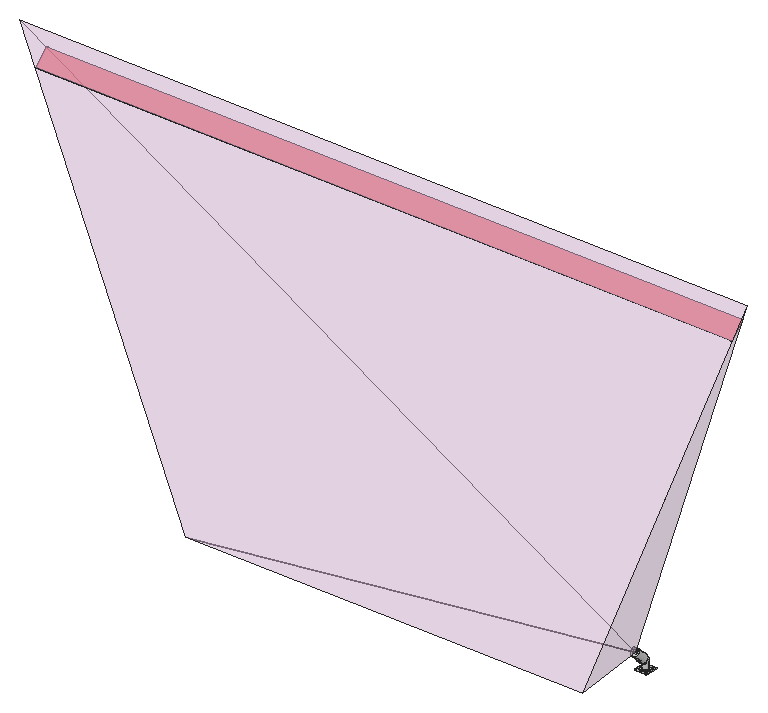
Revit family "Camera-Security-Panasonic-Super_Dynamic-Weatherproof-H265_Varifocal-Network-Fixed_Box-U1532LSeriesX", category Security Devices, host Face, Revit 2016
Family settings
  Host = Face
  Maintain Annotation Orientation = No
  Part Type = Normal
  Round Connector Dimension = Use Diameter
  OmniClass Number = 23.85.10.14.11
  OmniClass Title = Cameras
  Cut with Voids When Loaded = No
  Shared = No
  Room Calculation Point = No
Parameters (values of type "WV-U1532L")
  z Yaw Actual Safe [instance] = z Yaw Actual  # 0.00°
  z Yaw Actual [instance] = if(Yaw Actual < 0.00°, 360.00° - (abs(Yaw Actual) - rounddown(abs(Yaw Actual) / 360.00°) * 360.00°), Yaw Actual - rounddown(Yaw Actual / 360.00°) * 360.00°)  # 0.00°
  z VV Viewpoint Depth Min = 159.80000 mm  # constant formula
  z VV Viewpoint Depth Max = 159.80000 mm  # constant formula
  z VV Viewpoint Depth [instance] = (z VV Viewpoint Depth Max - z VV Viewpoint Depth Min) * z HFOV Ratio + z VV Viewpoint Depth Min  # 159.80000 mm
  z VV Origin Height [instance] = 73.00000 mm  # constant formula
  z Tilt Actual Safe [instance] = if(Tilt Actual = -90.00°, -89.00°, Tilt Actual)  # 45.00°
  z Tilt Actual [instance] = if(Tilt Actual < 0.00°, 360.00° - (abs(Tilt Actual) - rounddown(abs(Tilt Actual) / 360.00°) * 360.00°), Tilt Actual - rounddown(Tilt Actual / 360.00°) * 360.00°)  # 45.00°
  z Pan Actual Safe [instance] = if(Pan Actual = -180.00°, 180.00°, Pan Actual)  # 0.00°
  z Pan Actual [instance] = if(Pan Actual < 0.00°, 360.00° - (abs(Pan Actual) - rounddown(abs(Pan Actual) / 360.00°) * 360.00°), Pan Actual - rounddown(Pan Actual / 360.00°) * 360.00°)  # 0.00°
  z Hinge Height [instance] = 89.50000 mm  # constant formula
  z HFOV Ratio [instance] = (Horizontal FOV Actual - Horizontal FOV Min) / (Horizontal FOV Max - Horizontal FOV Min)  # 0.27586
  z Distance to Floor [instance] = if(and(On Ceiling, Use Adaptor Box), Distance to Floor - 40.00000 mm, Distance to Floor)  # 3000.00000 mm
  z Distance to Ceiling [instance] = if(and(On Ceiling, Use Adaptor Box), Distance to Ceiling + 40.00000 mm, Distance to Ceiling)  # 0.00000 mm
  z Const Yaw Handle Length = 235.00000 mm  # constant formula
  z Const Yaw Base2 Length = 440.00000 mm  # constant formula
  z Const Yaw Base Length = 260.00000 mm  # constant formula
  z Const Yaw Axis Length = 200.00000 mm  # constant formula
  z Const Tilt Handle Length = 360.00000 mm  # constant formula
  z Const Tilt Base2 Length = 500.00000 mm  # constant formula
  z Const Tilt Base Length = 250.00000 mm  # constant formula
  z Const Pan Handle Length = 700.00000 mm  # constant formula
  z Const CameraYawAxis = 400.00000 mm  # constant formula
  z Column Height [instance] = 73.00000 mm  # constant formula
  z Base Square = yes
  z Camera Center Offset From Base [instance] = 30.00000 mm  # constant formula
  z Camera Center Offset Base = 30.00000 mm  # constant formula
  z Camera Center Offset = 7.30000 mm  # constant formula
  z Camera Bottom Height [instance] = 0.00000 mm  # constant formula
  z Base Offset [instance] = if(Use Adaptor Box, 40.00000 mm, 0.00000 mm)  # 0.00000 mm
  z Adaptor Box Offset = 0.50000 mm  # constant formula
  Yawing Range [instance] = "-190 to +100"  # constant formula
  Yaw Min = -190.00°  # constant formula
  Yaw Max = 100.00°  # constant formula
  Yaw Desired [instance] = 0.00°
  Yaw Actual [instance] = if(Yaw Desired > Yaw Max, Yaw Max, if(Yaw Desired < Yaw Min, Yaw Min, Yaw Desired))  # 0.00°
  Width = 114.00000 mm  # constant formula
  Water and Dust Resistance = "IP66 (IEC 60529), Type 4X (UL50E), NEMA 4X compliant"  # constant formula
  Voltage DC = 48 V
  Vertical FOV Min [instance] = if(and(Aspect Ratio 4_3, not(Aspect Ratio 16_9)), VFOV Min 43, VFOV Min 169)  # 24.00°
  Vertical FOV Max [instance] = if(and(Aspect Ratio 4_3, not(Aspect Ratio 16_9)), VFOV Max 43, VFOV Max 169)  # 56.00°
  Vertical FOV Actual [instance] = z HFOV Ratio * (Vertical FOV Max - Vertical FOV Min) + Vertical FOV Min  # 32.8276°
  VFOV Min 43 = 27.00°
  VFOV Min 169 = 24.00°
  VFOV Max 43 = 63.00°
  VFOV Max 169 = 56.00°
  Tilt Min [instance] = if(On Ceiling, 0.00°, -100.00°)  # -100.00°
  Tilt Max [instance] = 100.00°  # constant formula
  Tilt Desired [instance] = 45.00°
  Tilt Actual [instance] = if(Tilt Desired > Tilt Max, Tilt Max, if(Tilt Desired < Tilt Min, Tilt Min, Tilt Desired))  # 45.00°
  Weight [instance] = 1.77 lbf
  Vandal Resistant = yes
  Use Adaptor Box [instance] = no
  URL = "http://security.panasonic.com/pss/security/"
  Tilting Range [instance] = if(On Ceiling, "0 to +100", "-100 to +100")  # "-100 to +100"
  Super Dynamic Range = yes
  Storage Temperature = Operational Temperature  # "-30 °C to +50 °C (-22 °F to +122 °F)"
  Show View Volume [instance] = yes
  Shock Resistance = "IK10 (IEC 62262)"  # constant formula
  Resolution_HD [instance] = and(Camera Type = 1, not(Resolution_FullHD))  # no
  Resolution_FullHD [instance] = yes
  Resolution_WQHD [instance] = and(Camera Type = 2, not(Resolution_FullHD))  # no
  Regulatory Compliance = "UL (UL60950-1), c-UL (CSA C22.2 No.60950-1), CE, IEC60950-1, FCC (Part15 ClassA), ICES003 ClassA, EN55032 ClassB, EN55024"  # constant formula
  Provide Feedback = "https://www.surveymonkey.com/s/95FL6QY"
  Product Page URL = "https://security.panasonic.com/products_technology/products/wv-u1532l/"
  Product Material = Paint - Panasonic - i-PRO White
  Product Documentation Link = "https://bizpartner.panasonic.net/public/ppr/product/11049?accordion_tab=96"
  Power Active = 6.7 W
  Part Number = Model  # "WV-U1532L"
  Part Description = Description  # "Security Camera, Super Dynamic, FullHD, VariFocal, Weatherproof, Network, WV-U1532L"
  Panning Range [instance] = if(On Ceiling, "-180 to +180", "-100 to +100")  # "-100 to +100"
  Pan Min [instance] = if(On Ceiling, -180.00°, -100.00°)  # -100.00°
  Pan Max [instance] = if(On Ceiling, 180.00°, 100.00°)  # 100.00°
  Pan Desired [instance] = 0.00°
  Pan Actual [instance] = if(Pan Desired > Pan Max, Pan Max, if(Pan Desired < Pan Min, Pan Min, Pan Desired))  # 0.00°
  PPM Desired [instance] = 300
  PPM Actual [instance] = if(PPM Desired > 1, PPM Desired, 1)  # 300
  Original Creation Date = "2020/01/07"  # constant formula
  Operational Temperature = "-30 °C to +50 °C (-22 °F to +122 °F)"  # constant formula
  Operational Humidity = "10 to 100 % (no condensation)"  # constant formula
  On Wall [instance] = not(On Ceiling)  # yes
  On Ceiling [instance] = no
  No Accessories = yes
  Mounting Positions = "Mount Dependent or Surface Mount"  # constant formula
  Model Disclaimer = "Contact Panasonic for more information"  # constant formula
  Model = "WV-U1532L"
  Minimum Illumination = 0.100 lx
  Manufacturer = "Panasonic"  # constant formula
  Indoor Or Outdoor = "Outdoor"  # constant formula
  IP Or Analog = "IP"  # constant formula
  Horizontal Resolution Actual [instance] = if(and(Aspect Ratio 4_3, not(Aspect Ratio 16_9)), Horizontal Resolution 43, Horizontal Resolution 169)  # 1920
  Horizontal Resolution 43 [instance] = if(Resolution_WQHD, 2560, if(Resolution_FullHD, 1600, if(Resolution_HD, 1280, 1600)))  # 1600
  Horizontal Resolution 169 [instance] = if(Resolution_WQHD, 2560, if(Resolution_FullHD, 1920, if(Resolution_HD, 1280, 1920)))  # 1920
  Horizontal FOV Min [instance] = if(and(Aspect Ratio 4_3, not(Aspect Ratio 16_9)), HFOV Min 43, HFOV Min 169)  # 44.00°
  Horizontal FOV Max [instance] = if(and(Aspect Ratio 4_3, not(Aspect Ratio 16_9)), HFOV Max 43, HFOV Max 169)  # 102.00°
  Horizontal FOV Desired [instance] = 60.00°
  Horizontal FOV Actual [instance] = if(Horizontal FOV Desired > Horizontal FOV Max, Horizontal FOV Max, if(Horizontal FOV Desired < Horizontal FOV Min, Horizontal FOV Min, Horizontal FOV Desired))  # 60.00°
  Height [instance] = 114.00000 mm  # constant formula
  Has POE = yes
  HFOV Min 43 = 36.00°
  HFOV Min 169 = 44.00°
  HFOV Max 43 = 84.00°
  HFOV Max 169 = 102.00°
  Family Version = "1.0.0"  # constant formula
  Equipment Number [instance] = ""
  Equipment Abbreviation = "SC"
  Distance to Screen [instance] = 10000.00000 mm
  Distance to PPM Target [instance] = if(PPM Actual = 0, 0.00000 mm, 1000.00000 mm * Horizontal Resolution Actual / (PPM Actual * 2 * tan(Horizontal FOV Actual / 2)))  # 5542.56258 mm
  Distance to Floor [instance] = 3000.00000 mm
  Distance to Ceiling [instance] = 0.00000 mm
  Description = "Security Camera, Super Dynamic, FullHD, VariFocal, Weatherproof, Network, WV-U1532L"
  Depth [instance] = 261.60000 mm  # constant formula
  Default Elevation = 0.00000 mm
  Day Or Night = "Yes"  # constant formula
  Date Last Modified = "2020/01/07"  # constant formula
  Copyright = "Copyright © Panasonic"  # constant formula
  Communication Ports = "10Base-T / 100Base-TX, RJ45 connector"  # constant formula
  Camera Type = 1
  Audio Out = "No"  # constant formula
  Audio In = "No"  # constant formula
  Aspect Ratio 4_3 [instance] = and(not(Camera Type = 2), not(Aspect Ratio 16_9))  # no
  Aspect Ratio 16_9 [instance] = yes
  Angle Of View = "102"
  Alarm Input Or Output Specification = "N/A"  # constant formula
  Accessory Part [instance] = if(Use Adaptor Box, "WV-Q120X", "No Accessory")  # "No Accessory"
Types (2, lengths in mm): name | z HFOV Ratio | Vertical FOV Min | Vertical FOV Max | Vertical FOV Actual | VFOV Min 43 | VFOV Min 169 | VFOV Max 43 | VFOV Max 169 | Resolution_FullHD | Resolution_WQHD | Product Page URL | Product Documentation Link | Power Active | Part Number | Part Description | Model | Minimum Illumination | Horizontal Resolution Actual | Horizontal Resolution 43 | Horizontal Resolution 169 | Horizontal FOV Max | HFOV Min 43 | HFOV Max 43 | HFOV Max 169 | Distance to PPM Target | Description | Camera Type | Angle Of View
  WV-U1532L | 0.27586 | 24.00° | 56.00° | 32.8276° | 27.00° | 24.00° | 63.00° | 56.00° | yes | no | "https://security.panasonic.com/products_technology/products/wv-u1532l/" | "https://bizpartner.panasonic.net/public/ppr/product/11049?accordion_tab=96" | 6.7 W | "WV-U1532L" | "Security Camera, Super Dynamic, FullHD, VariFocal, Weatherproof, Network, WV-U1532L" | "WV-U1532L" | 0.100 lx | 1920 | 1600 | 1920 | 102.00° | 36.00° | 84.00° | 102.00° | 5542.56258 | "Security Camera, Super Dynamic, FullHD, VariFocal, Weatherproof, Network, WV-U1532L" | 1 | "102"
  WV-U1542L | 0.27119 | 25.00° | 57.00° | 33.678° | 25.00° | 25.00° | 57.00° | 57.00° | no | yes | "https://security.panasonic.com/products_technology/products/wv-u1542l/" | "https://bizpartner.panasonic.net/public/ppr/product/11050?accordion_tab=96" | 7.2 W | "WV-U1542L" | "Security Camera, Super Dynamic, 4Mega Pixel, VariFocal, Weatherproof, Network, WV-U1542L" | "WV-U1542L" | 0.300 lx | 2560 | 2560 | 2560 | 103.00° | 44.00° | 103.00° | 103.00° | 7390.08345 | "Security Camera, Super Dynamic, 4Mega Pixel, VariFocal, Weatherproof, Network, WV-U1542L" | 2 | "103"
Reference planes
  plane 1 "Center (Front/Back)": y = 0
  plane 2: z = 0
  plane 3 "Center (Left/Right)": x = 0
  plane 4: z = 0
  plane 5 "Move Up/Down": z = 89.5
  plane 6: z = 0
  plane 7: x = -45
  plane 8: x = 45
  plane 9: x = -24.5
  plane 10: x = 24.5
  plane 11: x = -57
  plane 12: x = 57
  plane 13 "Square Base Top": z = 15
  plane 14 "Column Top": z = 73
  plane 15 "Move Left/Right": x = 0
  plane 16 "Round Base Top": z = 11.5
  plane 17: y = -45
  plane 18: y = 45
  plane 19: z = 10
  plane 20 "BP": z = 73
  plane 21: y = 57
  plane 22: y = -57
  plane 23: x = 133
  plane 24: z = 22.5
  plane 25: y = 57.5
  plane 26: y = -57.5
  plane 27: x = -57.5
  plane 28: x = 57.5
Forms (mm)
  Revolve 1, solid, material "Paint - Panasonic - i-PRO White" <- "Product Material"
    sketch origin (0, 0, 0) x (1, 0, 0) y (0, 0, 1)
      loop
        line (45, 11.5) -> (0, 11.5) -> (0, 0) -> (45, 0) -> (45, 11.5)
      axis (0, 11.5) -> (0, 0)
    angle from 0 to 360
  Revolve 2, solid, material "Paint - Panasonic - i-PRO White" <- "Product Material"
    sketch origin (0, 0, 73) x (1, 0, 0) y (0, 0, 1)
      loop
        line (0, -73) -> (24.5, -73) -> (24.5, 16.5) -> (0, 16.5) -> (0, -73)
      axis (0, 16.5) -> (0, -73)
    angle from 0 to 360
  Extrusion 3, solid, material "Paint - Panasonic - i-PRO White" <- "Product Material", visible <- "z Base Square"
    sketch origin (0, 0, 0) x (1, 0, 0) y (0, 0, 1)
      loop
        line (-57, 0) -> (57, 0) -> (57, 15) -> (-57, 15) -> (-57, 0)
    from -57 to 57
  Sweep 4, void
    path in 3D
      loop
        line (-57, -57, 15) -> (-57, 57, 15) -> (57, 57, 15) -> (57, -57, 15) -> (-57, -57, 15)
    profile origin (0, -57, 15) x (0, -1, 0) y (0, 0, 1)
      loop
        line (-31.963, 0) -> (-5.3, -3.768)
        arc (-5.3, -3.768) -> (-1.633, -5.994) -> (0, -9.96) r 6.876
        line (0, -9.96) -> (8.037, -9.96) -> (8.037, 0) -> (-31.963, 0)
  Sweep 5, void
    path in 3D
      loop
        arc (-24.5, 0, 89.5) -> (0, 24.5, 89.5) -> (24.5, 0, 89.5) r 24.5
        arc (24.5, 0, 89.5) -> (0, -24.5, 89.5) -> (-24.5, 0, 89.5) r 24.5
    profile origin (0, -24.5, 89.5) x (0, -1, 0) y (0, 0, 1)
      loop
        line (0, -5) -> (5, -5) -> (5, 5) -> (-5, 5) -> (-5, 0) -> (0, -5)
  Extrusion 6, void
    sketch origin (0, -5, 73) x (0, 0, -1) y (0, 1, 0)
      loop
        line (22.201, -33.558) -> (22.201, -17.622)
        arc (22.201, -17.622) -> (19.858, -11.965) -> (14.201, -9.622) r 8
        line (14.201, -9.622) -> (-30.447, -9.622) -> (-30.447, -33.558) -> (22.201, -33.558)
    from -30 to 30
  Blend 7, solid, material "Paint - Panasonic - i-PRO White" <- "Product Material", visible <- "Use Adaptor Box"
    base sketch origin (0, 0, 0) x (1, 0, 0) y (0, 1, 0)
      loop
        line (-57.5, 57.5) -> (-57.5, -57.5) -> (57.5, -57.5) -> (57.5, 57.5) -> (-57.5, 57.5)
    top sketch origin (0, 0, 0) x (1, 0, 0) y (0, 1, 0)
      loop
        line (-57, 57) -> (-57, -57) -> (57, -57) -> (57, 57) -> (-57, 57)
    from 0 to 40
Cuts and joins
  Sweep 4 cuts Extrusion 3
  Sweep 5, Extrusion 6 cuts Revolve 2
Lines and regions (mm)
  symbolic lines, not visible
    curve 1: line (-29.21, -68.262, 0) -> (29.21, -68.262, 0)
  reference lines
    curve 2: line (0, 0, 73) -> (700, 0, 73)
    curve 3: line (0, 0, 73) -> (0, 0, -627)
    curve 4: line (0, 0, 73) -> (0, -250, 73)
    curve 5: line (0, 0, 73) -> (0, 0, 573)
    curve 6: line (0, 0, 73) -> (0, 0, -427)
    curve 7: line (0, 0, 73) -> (0, -254.558, 327.558)
    curve 8: line (0, 0, 73) -> (0, 183.848, 256.848)
    curve 9: line (0, 0, 73) -> (-440, 0, 73)
    curve 10: line (0, 0, 73) -> (-235, 0, 73)
    curve 11: line (0, 0, 73) -> (0, -141.421, 214.421)
  sketch lines
    curve 12: line (57, -57, 15) -> (-57, -57, 15)
    curve 13: line (57, -57, 15) -> (57, 57, 15)
    curve 14: line (-57, 57, 15) -> (57, 57, 15)
    curve 15: line (-57, -57, 15) -> (-57, 57, 15)
    curve 16: arc (24.5, 0, 89.5) -> (0, -24.5, 89.5) -> (-24.5, 0, 89.5) r 24.5
    curve 17: arc (-24.5, 0, 89.5) -> (0, 24.5, 89.5) -> (24.5, 0, 89.5) r 24.5
Dimensions and locks
  "z Camera Bottom Height": plane 4 to plane 2
  "z Base Offset": plane 6 to plane 4
  equal spacing: plane 7, plane 3 "Center (Left/Right)", plane 8, locked at 45 each
  "z Hinge Height": plane 5 "Move Up/Down" to plane 6
  equal spacing: plane 9, plane 3 "Center (Left/Right)", plane 10, locked at 24.5 each
  locked: plane 13 "Square Base Top" to plane 6 at 15
  "z Column Height": plane 14 "Column Top" to plane 6
  locked: plane 16 "Round Base Top" to level at 11.5
  plane 17 to plane 1 "Center (Front/Back)" to plane 18 = 45.00000 mm locked, 45.00000 mm locked
  locked: plane 13 "Square Base Top" to plane 19 at 5
  "z VV Origin Height": plane 20 "BP" to plane 6
  "z Const Pan Handle Length": curve 2 to curve 2
  "z Const Pan Handle Length": curve 3 to curve 3
  "z Const Tilt Base Length": curve 4 to curve 2
  "z Const Tilt Base2 Length": curve 5 to curve 2
  "z Const Tilt Handle Length": curve 7 to curve 7
  "z Const Yaw Base Length": curve 8 to curve 8
  "z Const Yaw Base2 Length": curve 9 to curve 9
  "z Const Yaw Handle Length": curve 10 to curve 10
  "z Const Yaw Axis Length": curve 11 to curve 11
  plane 24 to plane 13 "Square Base Top" = 7.50000 mm
  equal spacing: plane 11, plane 15 "Move Left/Right", plane 12
  locked: plane 11 to plane 12 at 114
  equal spacing: plane 21, plane 1 "Center (Front/Back)", plane 22, locked at 57 each
  locked: plane 21 to plane 22 at 114
  "z Adaptor Box Offset": plane 27 to plane 11
  "z Adaptor Box Offset": plane 12 to plane 28
  "z Adaptor Box Offset": plane 25 to plane 21
  "z Adaptor Box Offset": plane 22 to plane 26
  locked: curve 3 to curve 2 (angle 90.00°)
  "z Pan Actual Safe": angle plane 1 "Center (Front/Back)" to curve 2
  locked: curve 4 to curve 6 (angle 90.00°)
  locked: curve 5 to curve 4 (angle 90.00°)
  "z Tilt Actual Safe": angle curve 5 to curve 7
  locked: curve 8 to curve 9 (angle 90.00°)
  "z Yaw Actual Safe": angle curve 9 to curve 10
  locked: curve 11 to curve 7 (angle 0.00°)
  aligned and locked: plane 2 to host face
  aligned and locked: level to host face
  aligned and locked: Revolve 1 sketch curve to plane 3 "Center (Left/Right)"
  aligned and locked: plane 6 to Revolve 1 sketch curve
  aligned and locked: plane 16 "Round Base Top" to Revolve 1 sketch curve
  aligned and locked: level to Revolve 2
  aligned and locked: plane 3 "Center (Left/Right)" to curve 2
  aligned and locked: plane 1 "Center (Front/Back)" to curve 2
  aligned and locked: plane 20 "BP" to curve 3
  aligned and locked: plane 20 "BP" to curve 2
  aligned and locked: plane 20 "BP" to curve 7
  aligned and locked: nested 2 to plane 3 "Center (Left/Right)"
  aligned and locked: nested 2 to plane 1 "Center (Front/Back)"
  aligned and locked: Extrusion 3 to plane 22
  aligned and locked: plane 21 to Extrusion 3
  aligned and locked: Blend 7 sketch curve to plane 25
  aligned and locked: plane 27 to Blend 7 sketch curve
  aligned and locked: plane 26 to Blend 7 sketch curve
  aligned and locked: Blend 7 sketch curve to plane 28
  aligned and locked: plane 11 to Blend 7 sketch curve
  aligned and locked: plane 12 to Blend 7 sketch curve
  aligned and locked: Blend 7 sketch curve to plane 21
  aligned and locked: plane 22 to Blend 7 sketch curve
Automatic sketch dimensions
  host sketch curve to host sketch curve = 2438.40000 mm  (x2)
  curve 1 to plane 3 "Center (Left/Right)" = 29.21000 mm
  plane 3 "Center (Left/Right)" to curve 1 = 29.21000 mm
  plane 1 "Center (Front/Back)" to curve 1 = 68.26250 mm
  Revolve 1 sketch curve to plane 3 "Center (Left/Right)" = 0.00000 mm
  Revolve 1 sketch curve to plane 8 = 0.00000 mm
  Revolve 1 sketch curve to Revolve 1 sketch curve = 609.60000 mm
  plane 14 "Column Top" to Revolve 1 sketch curve = 2488.35810 mm
  Extrusion 3 sketch curve to plane 11 = 0.00000 mm
  plane 12 to Extrusion 3 sketch curve = 0.00000 mm
  Extrusion 3 sketch curve to plane 6 = 0.00000 mm
  Extrusion 3 sketch curve to plane 13 "Square Base Top" = 0.00000 mm
  Sweep 4 sketch curve to profile plane = 0.00000 mm  (x2)
  Sweep 4 sketch curve to profile plane = 3.76752 mm
  profile plane to Sweep 4 sketch curve = 5.29967 mm
  profile plane to Sweep 4 sketch curve = 6.85710 mm
  Sweep 4 sketch curve to Sweep 4 sketch curve = 26.66325 mm
  Sweep 4 sketch curve to profile plane = 8.03708 mm
  Sweep 4 sketch curve to Sweep 4 sketch curve = 6.19203 mm
  Sweep 5 sketch curve to profile plane = 0.00000 mm
  profile plane to Sweep 5 sketch curve = 5.00000 mm  (x2)
  profile plane to Sweep 5 sketch curve = 0.00000 mm
  Sweep 5 sketch curve to profile plane = 5.00000 mm  (x2)
  curve 2 to Revolve 2 sketch curve = 0.00000 mm
  Revolve 2 sketch curve to curve 2 = 682.60000 mm
  Revolve 2 sketch curve to curve 2 = 73.00000 mm
  curve 2 to Revolve 2 sketch curve = 16.50000 mm
  curve 2 to Revolve 2 sketch curve = 2481.15810 mm
  curve 2 to Revolve 2 sketch curve = 24.50000 mm
  Revolve 2 sketch curve to curve 2 = 0.00000 mm
  Extrusion 6 sketch curve to plane 5 "Move Up/Down" = 13.94683 mm
  Extrusion 6 sketch curve to plane 14 "Column Top" = 14.20146 mm
  Extrusion 6 sketch curve to Extrusion 6 sketch curve = 8.00000 mm
  Extrusion 6 sketch curve to Extrusion 6 sketch curve = 15.93624 mm
  curve 2 to curve 3 = 0.00000 mm
  curve 8 to curve 7 = 0.00000 mm  (x2)
  curve 9 to curve 8 = 0.00000 mm
  curve 10 to curve 8 = 0.00000 mm
  curve 11 to curve 10 = 0.00000 mm  (x2)
Nested families
  nested 1: "U1532LSeries_Head" at (0, 0, 73) x (0, 0.7071, 0.7071) z (1, 0, 0), Product Material <- "Product Material", type "U1532LSeries_Head"
    with Product Material Paint - Panasonic - i-PRO White
  nested 2: "Camera-Security-Panasonic-ViewVolumePTYZ" at (0, 0, 73), Viewpoint Depth <- "z VV Viewpoint Depth", Base Height Offset <- "z VV Origin Height", Pan <- "z Pan Actual Safe", Tilt <- "z Tilt Actual", Yaw <- "z Yaw Actual", HFOV <- "Horizontal FOV Actual", VFOV <- "Vertical FOV Actual", On Wall <- "On Wall", On Ceiling <- "On Ceiling", Floor Distance <- "z Distance to Floor", Ceiling Distance <- "z Distance to Ceiling", Target Depth <- "Distance to PPM Target", Screen Depth <- "Distance to Screen", visible <- "Show View Volume", type "Camera-Security-Panasonic-ViewVolumePTYZ"
    with z Yaw Actual 0.00°, z Void Width 32012.60538 mm, z Void Thickness 10232.80000 mm, z Void Height Start -16006.30269 mm, z Void Height End 16006.30269 mm, z Void Direction 1, z Void Angle 90.00°, z Viewpoint Depth 159.80000 mm, z Tilt Actual 45.00°, z Target Width 6400.00000 mm, z Target Visible yes, z Target Height 3265.42970 mm, z Target Depth 5702.36258 mm, z Screen Width 11547.00538 mm, z Screen Height 5891.55224 mm, z Screen Depth 10159.80000 mm, z Pan Actual 0.00°, z Floor Distance 3000.00000 mm, z Ceiling Distance 0.00000 mm, Yaw 0.00°, Viewpoint Origin Horizontal Offset 0.00000 mm, Viewpoint Depth 159.80000 mm, VFOV 32.8276°, Tilt 45.00°, Target Depth 5542.56258 mm, Screen Depth 10000.00000 mm, Pan 0.00°, On Wall yes, On Floor no, On Default Mount Type 0, On Ceiling no, HFOV 60.00°, Floor Distance 3000.00000 mm, Ceiling Distance 0.00000 mm, Base Height Offset 73.00000 mm, Base Angle Offset 0.00°
  nested 3: "Resolution" at (0, -16.3, 0), type "5M"
Connectors
  electrical at (0, 0.302, 0)
    settings: on plane 6, index 2, voltage 0 V, apparent load 0.0 W, apparent load phase1 0.0 W, apparent load phase2 0.0 W, apparent load phase3 0.0 W, power factor 1, load classification "Other", number of poles 1, system type 5, power factor state 1, is connector primary yes, connector utility no, sub classification motor no, connector description "Data Connection"
  electrical at (9.5, 0, 0), driven by "Voltage DC", driven by "Power Active"
    settings: on Extrusion 3, index 3, voltage 48 V, apparent load 6.7 W, apparent load phase1 0.0 W, apparent load phase2 0.0 W, apparent load phase3 0.0 W, power factor 1, load classification "Other", number of poles 1, system type 30, power factor state 1, is connector primary no, connector utility no, sub classification motor no, connector description "Electrical Connection"
Definition of nested family "U1532LSeries_Head"
  Parameters (values of type "U1532LSeries_Head")
    Product Material [instance] = none
    Default Elevation = 1219.20000 mm
  Reference planes
    plane 1 "Center (Front/Back)": y = 0
    plane 2: z = 0
    plane 3 "Center (Left/Right)": x = 0
    plane 4 "Move Left/Right": x = 0
    plane 5: y = 188.6
    plane 6: y = 47.3
    plane 7: x = 37
    plane 8: z = 47.5
    plane 9: z = -47.5
    plane 10: z = 20
    plane 11: z = -20
    plane 12: z = 39.833
    plane 13: z = -37.5
    plane 14: x = -32
    plane 15: x = 32
  Forms (mm)
    Revolve 1, solid, material <- "Product Material"
      sketch origin (0, 136.477, -0.023) x (1, 0, 0) y (0, 1, 0)
        loop
          line (-19.243, -119) -> (-15.446, -119) -> (-15.446, -148.782) -> (0, -148.782) -> (0, -89.177) -> (-31.458, -89.177) -> (-19.243, -119)
        axis (0, -148.782) -> (0, -89.177)
      angle from 0 to 360
    Revolve 2, solid, material <- "Product Material"
      sketch origin (0, 136.477, -0.023) x (1, 0, 0) y (0, 1, 0)
        loop
          line (37, -89.177) -> (37, 52.123) -> (0, 52.123) -> (0, -89.177) -> (37, -89.177)
        axis (0, -89.177) -> (0, 52.123)
      angle from 0 to 360
    Extrusion 3, void
      sketch origin (0, -4572, 190.211) x (0, 0, -1) y (0, -1, 0)
        loop
          line (185.211, -4572) -> (195.211, -4572) -> (195.211, -4592) -> (222.511, -4592) -> (222.511, -4547) -> (157.511, -4547) -> (157.511, -4592) -> (185.211, -4592) -> (185.211, -4572)
      from -25 to 25
    Extrusion 4, void
      sketch origin (0, 0, 0) x (1, 0, 0) y (0, 1, 0)
        loop
          line (-32, 84.833) -> (-32, 166.046) -> (0, 166.046) -> (19.343, 169.109) -> (32, 188.6) -> (32, 84.833) -> (37, 76.173) -> (37, 231.173) -> (-37, 231.173) -> (-37, 76.173) -> (-32, 84.833)
      from -100 to 100
    Extrusion 5, solid
      sketch origin (0, 166.046, 0) x (-1, 0, 0) y (0, 0, 1)
        loop
          arc (-7.363, 20) -> (-10.898, 18.536) -> (-12.363, 15) r 5
          line (-12.363, 15) -> (-12.363, -15)
          arc (-12.363, -15) -> (-10.898, -18.536) -> (-7.363, -20) r 5
          line (-7.363, -20) -> (7.637, -20)
          arc (7.637, -20) -> (11.173, -18.536) -> (12.637, -15) r 5
          line (12.637, -15) -> (12.637, 15)
          arc (12.637, 15) -> (11.173, 18.536) -> (7.637, 20) r 5
          line (7.637, 20) -> (-7.363, 20)
      from 3 to 0
  Cuts and joins
    Extrusion 3 cuts Revolve 1
    Extrusion 4 cuts Revolve 2
  Dimensions and locks
    plane 1 "Center (Front/Back)" to plane 5 = 188.60000 mm
    equal spacing: plane 8, level, plane 9
    locked: plane 8 to plane 9 at 95
    plane 5 to plane 6 = 141.30000 mm
    equal spacing: plane 10, level, plane 11
    locked: plane 10 to plane 11 at 40
    plane 8 to plane 12 = 7.66714 mm
    plane 13 to plane 9 = 10.00000 mm
    equal spacing: Extrusion 3 sketch curve, level, Extrusion 3 sketch curve
    Extrusion 3 sketch curve to Extrusion 3 sketch curve = 10.00000 mm
    plane 1 "Center (Front/Back)" to Extrusion 3 sketch curve = 20.00000 mm
    plane 1 "Center (Front/Back)" to plane 6 = 47.30000 mm
    locked: plane 3 "Center (Left/Right)" to plane 7 at 37
    equal spacing: plane 14, plane 3 "Center (Left/Right)", plane 15
    aligned and locked: plane 2 to level
    aligned and locked: plane 6 to Revolve 2
    aligned and locked: Extrusion 3 sketch curve to Extrusion 3 sketch curve
    aligned and locked: Revolve 1 sketch curve to plane 6
    aligned and locked: Revolve 2 sketch curve to plane 6
    aligned and locked: plane 7 to Revolve 2 sketch curve
    aligned and locked: plane 5 to Revolve 2 sketch curve
  Automatic sketch dimensions
    Extrusion 3 sketch curve to plane 1 "Center (Front/Back)" = 0.00000 mm
    plane 12 to Extrusion 3 sketch curve = 7.13305 mm
    Extrusion 3 sketch curve to plane 13 = 5.19982 mm
    plane 1 "Center (Front/Back)" to Extrusion 3 sketch curve = 25.00000 mm
    Revolve 2 sketch curve to plane 3 "Center (Left/Right)" = 0.00000 mm  (x2)
    Revolve 2 sketch curve to plane 1 "Center (Front/Back)" = 17.47694 mm
    Revolve 2 sketch curve to Revolve 2 sketch curve = 30.08772 mm
    Extrusion 4 sketch curve to plane 14 = 0.00000 mm
    Extrusion 4 sketch curve to plane 3 "Center (Left/Right)" = 0.00000 mm
    Extrusion 4 sketch curve to plane 5 = 0.00000 mm
    Extrusion 4 sketch curve to plane 15 = 0.00000 mm
    Extrusion 4 sketch curve to plane 7 = 0.00000 mm
    Extrusion 4 sketch curve to plane 14 = 5.00000 mm
    Extrusion 4 sketch curve to plane 15 = 12.65732 mm
    Extrusion 4 sketch curve to plane 5 = 19.49056 mm
    Extrusion 4 sketch curve to Extrusion 4 sketch curve = 3.06358 mm
    plane 6 to Extrusion 4 sketch curve = 37.53344 mm
    Extrusion 4 sketch curve to Extrusion 4 sketch curve = 8.66025 mm  (x2)
    plane 6 to Extrusion 4 sketch curve = 28.87318 mm
    plane 5 to Extrusion 4 sketch curve = 42.57318 mm
    Revolve 1 sketch curve to plane 3 "Center (Left/Right)" = 0.00000 mm  (x2)
    Revolve 1 sketch curve to Revolve 1 sketch curve = 15.44575 mm
    Revolve 1 sketch curve to Revolve 1 sketch curve = 3.79774 mm
    plane 14 to Revolve 1 sketch curve = 0.54195 mm
    Revolve 1 sketch curve to plane 1 "Center (Front/Back)" = 17.47694 mm
    plane 1 "Center (Front/Back)" to Revolve 1 sketch curve = 12.30529 mm
    Revolve 1 sketch curve to Revolve 1 sketch curve = 0.00000 mm
    Revolve 1 sketch curve to plane 5 = 29.72306 mm
    Extrusion 4 to Extrusion 5 sketch curve = 12.36269 mm
    Extrusion 5 sketch curve to Extrusion 5 sketch curve = 5.00000 mm  (x3)
    Extrusion 5 sketch curve to Extrusion 4 = 7.63731 mm  (x2)
    Extrusion 4 to Extrusion 5 sketch curve = 80.00000 mm
    Extrusion 5 sketch curve to Extrusion 5 sketch curve = 30.00000 mm
Definition of nested family "Camera-Security-Panasonic-ViewVolumePTYZ"
  Parameters
    z Yaw Actual [instance] = if(Yaw < 0.00°, 360.00° - (abs(Yaw) - rounddown(abs(Yaw) / 360.00°) * 360.00°), Yaw - rounddown(Yaw / 360.00°) * 360.00°)  # 0.00°
    z Void Width [instance] = if(z Screen Width > z Screen Height, z Screen Width, z Screen Height) + abs(Viewpoint Origin Horizontal Offset) + z Void Thickness * 2  # 32147.00538 mm
    z Void Thickness [instance] = z Screen Depth + abs(Base Height Offset)  # 10300.00000 mm
    z Void Height Start [instance] = -z Void Width / 2  # -16073.50269 mm
    z Void Height End [instance] = z Void Width / 2  # 16073.50269 mm
    z Void Direction [instance] = if((if(On Wall, 1, 0) + if(On Floor, 1, 0) + if(On Ceiling, 1, 0)) = 1, if(On Ceiling, 0, if(On Wall, 1, 2)), On Default Mount Type)  # 0
    z Viewpoint Depth [instance] = if(Viewpoint Depth < 1.00000 mm, 1.00000 mm, Viewpoint Depth)  # 150.00000 mm
    z Tilt Actual [instance] = if(Tilt < 0.00°, 360.00° - (abs(Tilt) - rounddown(abs(Tilt) / 360.00°) * 360.00°), Tilt - rounddown(Tilt / 360.00°) * 360.00°)  # 45.00°
    z Target Visible [instance] = not(Screen Depth < Target Depth)  # yes
    z Target Thickness Start = -z Target Thickness / 2  # -1.00000 mm
    z Target Thickness End = z Target Thickness / 2  # 1.00000 mm
    z Target Depth [instance] = Target Depth + Viewpoint Depth  # 2150.00000 mm
    z Pan Actual [instance] = if(Pan < 0.00°, 360.00° - (abs(Pan) - rounddown(abs(Pan) / 360.00°) * 360.00°), Pan - rounddown(Pan / 360.00°) * 360.00°)  # 0.00°
    z Floor Distance [instance] = if(z Void Direction = 2, if(Floor Distance < 0.00000 mm, 0.00000 mm, Floor Distance), if(Floor Distance < 10.00000 mm, 10.00000 mm, Floor Distance))  # 3000.00000 mm
    z Const Yaw Base2 Length = 440.00000 mm  # constant formula
    z Const Tilt Base2 Length = 500.00000 mm  # constant formula
    z Ceiling Distance [instance] = if(z Void Direction = 2, if(Ceiling Distance < 10.00000 mm, 10.00000 mm, Ceiling Distance), if(Ceiling Distance < 0.00000 mm, 0.00000 mm, Ceiling Distance))  # 0.00000 mm
    z Const Void Handle Length = 600.00000 mm  # constant formula
    z Void Angle [instance] = if(z Void Direction = 0, 0.00° + Base Angle Offset, if(z Void Direction = 1, 90.00° + Base Angle Offset, 180.00° + Base Angle Offset))  # 0.00°
    z Screen Depth [instance] = if(Screen Depth < 100.00000 mm, 100.00000 mm + Viewpoint Depth, Screen Depth + Viewpoint Depth)  # 10150.00000 mm
    Original Creation Date = "September, 15, 2016"  # constant formula
    On Default Mount Type [instance] = 0
    Manufacturer = "Panasonic"  # constant formula
    Family Version = "1.0.0"  # constant formula
    Default Elevation = 1219.20000 mm
    Date Last Modified = "September, 15, 2016"  # constant formula
    Copyright = "Copyright © Panasonic"  # constant formula
    Base Height Offset [instance] = 150.00000 mm
    Base Angle Offset [instance] = 0.00°
    z Viewpoint Width = 1.00000 mm  # constant formula
    z Viewpoint Height = 1.00000 mm  # constant formula
    VFOV [instance] = 33.75°
    z Target Width [instance] = Target Depth * tan(HFOV / 2) * 2  # 2309.40108 mm
    z Target Thickness = 2.00000 mm  # constant formula
    z Target Height [instance] = Target Depth * tan(VFOV / 2) * 2  # 1213.38673 mm
    Target Depth [instance] = 2000.00000 mm
    z Screen Width [instance] = (z Screen Depth - Viewpoint Depth) * tan(HFOV / 2) * 2  # 11547.00538 mm
    z Screen Height [instance] = (z Screen Depth - Viewpoint Depth) * tan(VFOV / 2) * 2  # 6066.93367 mm
    Screen Depth [instance] = 10000.00000 mm
    z Const Yaw Handle Length = 235.00000 mm  # constant formula
    z Const Yaw Base Length = 260.00000 mm  # constant formula
    Viewpoint Depth [instance] = 150.00000 mm
    Viewpoint Origin Horizontal Offset [instance] = 0.00000 mm
    z Const Tilt Handle Length = 360.00000 mm  # constant formula
    z Const Tilt Base Length = 250.00000 mm  # constant formula
    z Const Pan Handle Length = 500.00000 mm  # constant formula
    z Const Pan Axis Length = 400.00000 mm  # constant formula
    On Wall [instance] = no
    On Floor [instance] = no
    On Ceiling [instance] = yes
    HFOV [instance] = 60.00°
    Yaw [instance] = 0.00°
    Tilt [instance] = 45.00°
    Pan [instance] = 0.00°
    Floor Distance [instance] = 3000.00000 mm
    Ceiling Distance [instance] = 0.00000 mm
  Reference planes
    plane 1 "Center (Front/Back)": y = 0
    plane 2: z = 0
    plane 3 "Center (Left/Right)": x = 0
    plane 4 "VoidOffsetBase": z = -150
  Forms (mm)
    Extrusion 1, void
      sketch origin (0, 0, -150) x (0, 0, 1) y (0, -1, 0)
        loop
          line (13300, 16073.503) -> (3000, 16073.503) -> (3000, -16073.503) -> (13300, -16073.503) -> (13300, 16073.503)
        loop
          line (0, 16073.503) -> (-10300, 16073.503) -> (-10300, -16073.503) -> (0, -16073.503) -> (0, 16073.503)
      from -16073.503 <- "z Void Height Start" to 16073.503 <- "z Void Height End"
    Blend 2, solid
      base sketch origin (0, -106.066, 106.066) x (0, 0.707107, 0.707107) y (-1, 0, 0)
        loop
          line (-0.5, -0.5) -> (0.5, -0.5) -> (0.5, 0.5) -> (-0.5, 0.5) -> (-0.5, -0.5)
      top sketch origin (0, -7177.134, 7177.134) x (0, 0.707107, 0.707107) y (-1, 0, 0)
        loop
          line (-3033.467, -5773.503) -> (3033.467, -5773.503) -> (3033.467, 5773.503) -> (-3033.467, 5773.503) -> (-3033.467, -5773.503)
      from 0 to 0
    Extrusion 3, solid, visible <- "z Target Visible"
      sketch origin (0, -1520.28, 1520.28) x (0, 0.707107, 0.707107) y (-1, 0, 0)
        loop
          line (-606.693, -1154.701) -> (606.693, -1154.701) -> (606.693, 1154.701) -> (-606.693, 1154.701) -> (-606.693, -1154.701)
      from -1 <- "z Target Thickness Start" to 1 <- "z Target Thickness End"
  Cuts and joins
    Extrusion 1 cuts Blend 2
    Extrusion 1 cuts Extrusion 3
  Lines and regions (mm)
    reference lines
      curve 1: line (0, 0, 0) -> (500, 0, 0)
      curve 2: line (0, 0, -400) -> (0, 0, 0)
      curve 3: line (0, 0, 0) -> (0, -250, 0)
      curve 4: line (0, 0, 0) -> (0, 0, 500)
      curve 5: line (0, -254.558, 254.558) -> (0, 0, 0)
      curve 6: line (0, 0, 0) -> (0, 183.848, 183.848)
      curve 7: line (0, 0, 0) -> (-440, 0, 0)
      curve 8: line (0, 0, 0) -> (-235, 0, 0)
      curve 9: line (0, -106.066, 106.066) -> (0, 0, 0)
      curve 10: line (0, 0, 0) -> (0, -1520.28, 1520.28)
      curve 11: line (0, 0, 0) -> (0, -7177.134, 7177.134)
      curve 12: line (-0.5, -105.712, 106.42) -> (0.5, -105.712, 106.42)
      curve 13: line (-0.5, -106.42, 105.712) -> (0.5, -106.42, 105.712)
      curve 14: line (-0.5, -105.712, 106.42) -> (-0.5, -106.42, 105.712)
      curve 15: line (0.5, -105.712, 106.42) -> (0.5, -106.42, 105.712)
      curve 16: line (-1154.701, -1091.283, 1949.277) -> (1154.701, -1091.283, 1949.277)
      curve 17: line (-1154.701, -1949.277, 1091.283) -> (1154.701, -1949.277, 1091.283)
      curve 18: line (-1154.701, -1091.283, 1949.277) -> (-1154.701, -1949.277, 1091.283)
      curve 19: line (1154.701, -1091.283, 1949.277) -> (1154.701, -1949.277, 1091.283)
      curve 20: line (-5773.503, -5032.149, 9322.119) -> (-5773.503, -9322.119, 5032.149)
      curve 21: line (5773.503, -5032.149, 9322.119) -> (5773.503, -9322.119, 5032.149)
      curve 22: line (-5773.503, -5032.149, 9322.119) -> (5773.503, -5032.149, 9322.119)
      curve 23: line (-5773.503, -9322.119, 5032.149) -> (5773.503, -9322.119, 5032.149)
      curve 24: line (0, 0, -150) -> (0, 0, 450)
      curve 25: line (0, -16073.503, 13150) -> (0, 16073.503, 13150)
      curve 26: line (0, -16073.503, 2850) -> (0, -16073.503, 13150)
      curve 27: line (0, 16073.503, 2850) -> (0, -16073.503, 2850)
      curve 28: line (0, 16073.503, 13150) -> (0, 16073.503, 2850)
      curve 29: line (0, -16073.503, -150) -> (0, 16073.503, -150)
      curve 30: line (0, -16073.503, -10450) -> (0, -16073.503, -150)
      curve 31: line (0, 16073.503, -10450) -> (0, -16073.503, -10450)
      curve 32: line (0, 16073.503, -150) -> (0, 16073.503, -10450)
  Dimensions and locks
    "z Const Pan Handle Length": curve 1 to curve 1
    "z Const Pan Axis Length": curve 2 to curve 2
    "z Const Tilt Base Length": curve 3 to curve 3
    "z Const Pan Axis Length": curve 1 to curve 2
    "Viewpoint Origin Horizontal Offset": curve 4 to curve 2
    "z Const Tilt Base2 Length": curve 4 to curve 4
    "z Const Tilt Handle Length": curve 5 to curve 5
    "z Const Yaw Base Length": curve 6 to curve 6
    "z Const Yaw Base2 Length": curve 7 to curve 7
    "z Const Yaw Handle Length": curve 8 to curve 8
    "z Viewpoint Depth": curve 9 to curve 9
    "z Target Depth": curve 10 to curve 10
    "z Screen Depth": curve 11 to curve 11
    equal spacing: curve 13, curve 9, curve 12
    "z Viewpoint Height": curve 13 to curve 12
    equal spacing: curve 14, curve 9, curve 15
    "z Viewpoint Width": curve 14 to curve 15
    equal spacing: curve 17, curve 10, curve 16
    "z Target Height": curve 17 to curve 16
    equal spacing: curve 18, curve 10, curve 19
    "z Target Width": curve 18 to curve 19
    equal spacing: curve 20, curve 11, curve 21
    "z Screen Width": curve 20 to curve 21
    equal spacing: curve 23, curve 11, curve 22
    "z Screen Height": curve 23 to curve 22
    "z Const Void Handle Length": curve 24 to curve 24
    equal spacing: curve 26, curve 24, curve 28
    "z Void Width": curve 26 to curve 28
    "z Floor Distance": curve 27 to curve 24
    "z Ceiling Distance": curve 29 to curve 24
    "z Void Thickness": curve 31 to curve 29
    "z Void Thickness": curve 25 to curve 27
    "Base Height Offset": level to plane 4 "VoidOffsetBase"
    locked: curve 3 to curve 2 (angle 90.00°)
    locked: curve 3 to curve 4 (angle 90.00°)
    "z Tilt Actual": angle curve 4 to curve 5
    locked: curve 6 to curve 7 (angle 90.00°)
    locked: curve 6 to curve 5 (angle 90.00°)
    locked: curve 9 to curve 5 (angle 0.00°)
    locked: curve 10 to curve 5 (angle 0.00°)
    locked: curve 11 to curve 5 (angle 0.00°)
    "z Void Angle": angle plane 1 "Center (Front/Back)" to curve 24
    "z Yaw Actual": angle curve 7 to curve 8
    "z Pan Actual": angle plane 1 "Center (Front/Back)" to curve 1
    aligned and locked: level to plane 2
    aligned and locked: curve 2 to curve 1
    aligned and locked: curve 2 to curve 3
    aligned and locked: curve 3 to curve 2
    aligned and locked: curve 3 to curve 5
    aligned and locked: curve 6 to curve 7
    aligned and locked: curve 6 to curve 8
    aligned and locked: curve 8 to curve 7
    aligned and locked: curve 7 to curve 6
    aligned and locked: curve 5 to curve 11
    aligned and locked: curve 11 to curve 8
    aligned and locked: curve 12 to curve 15
    aligned and locked: curve 15 to curve 15
    aligned and locked: curve 14 to curve 14
    aligned and locked: curve 13 to curve 15
    aligned and locked: curve 16 to curve 19
    aligned and locked: curve 18 to curve 18
    aligned and locked: curve 17 to curve 19
    aligned and locked: curve 22 to curve 22
    aligned and locked: curve 21 to curve 23
    aligned and locked: curve 20 to curve 23
    aligned and locked: curve 23 to curve 23
    aligned and locked: plane 1 "Center (Front/Back)" to curve 24
    aligned and locked: curve 30 to curve 26
    aligned and locked: curve 28 to curve 32
    aligned and locked: Extrusion 1 sketch curve to curve 25
    aligned and locked: Extrusion 1 sketch curve to curve 26
    aligned and locked: Extrusion 1 sketch curve to curve 27
    aligned and locked: Extrusion 1 sketch curve to curve 28
    aligned and locked: Extrusion 1 sketch curve to curve 29
    aligned and locked: Extrusion 1 sketch curve to curve 30
    aligned and locked: Extrusion 1 sketch curve to curve 31
    aligned and locked: Extrusion 1 sketch curve to curve 32
    aligned and locked: Extrusion 1 sketch curve to Extrusion 1 sketch curve  (x8)
    aligned and locked: Blend 2 sketch curve to curve 15
    aligned and locked: Blend 2 sketch curve to curve 13
    aligned and locked: Blend 2 sketch curve to curve 14
    aligned and locked: Blend 2 sketch curve to curve 12
    aligned and locked: Blend 2 sketch curve to Blend 2 sketch curve  (x8)
    aligned and locked: Blend 2 sketch curve to curve 21
    aligned and locked: Blend 2 sketch curve to curve 23
    aligned and locked: Blend 2 sketch curve to curve 20
    aligned and locked: Blend 2 sketch curve to curve 22
    aligned and locked: Extrusion 3 sketch curve to curve 19
    aligned and locked: Extrusion 3 sketch curve to curve 17
    aligned and locked: Extrusion 3 sketch curve to curve 18
    aligned and locked: Extrusion 3 sketch curve to curve 16
    aligned and locked: Extrusion 3 sketch curve to Extrusion 3 sketch curve  (x4)
    aligned and locked: plane 3 "Center (Left/Right)" to curve 1
    aligned and locked: plane 1 "Center (Front/Back)" to curve 1
    aligned and locked: level to curve 2
    aligned and locked: plane 4 "VoidOffsetBase" to curve 24
  Automatic sketch dimensions
    curve 6 to curve 5 = 0.00000 mm
    curve 6 to curve 5 = 260.00000 mm
Definition of nested family "Resolution"
  Parameters (values of type "HD")
    Lens Type Value = 4.00000 mm
    Default Elevation = 0.00000 mm
  Types (4, lengths in mm): name | Lens Type Value
    5M | 1.00000
    WQHD | 2.00000
    Full HD | 3.00000
    HD | 4.00000
  Reference planes
    plane 1 "Center (Front/Back)": y = 0
    plane 2: z = 0
    plane 3 "Center (Left/Right)": x = 0
    plane 4: x = -460
    plane 5: x = 460
    plane 6: y = -382.821
    plane 7: y = 382.821
    plane 8: x = -4
  Forms (mm)
    Extrusion 1, solid, not visible
      sketch origin (0, 0, 0) x (1, 0, 0) y (0, 1, 0)
        loop
          line (-1219.2, 1219.2) -> (-1219.2, -1219.2) -> (1219.2, -1219.2) -> (1219.2, 1219.2) -> (-1219.2, 1219.2)
      from 0 to -304.8
    Extrusion 2, solid, not visible
      sketch origin (0, 0, 0) x (1, 0, 0) y (0, 1, 0)
        loop
          line (-460, 382.821) -> (-460, -382.821) -> (460, -382.821) -> (460, 382.821) -> (-460, 382.821)
      from 0 to 1
  Lines and regions (mm)
    model lines, not visible
      curve 1: line (-4, 120, 0) -> (-4, -100, 0)
  Dimensions and locks
    "Lens Type Value": plane 8 to plane 3 "Center (Left/Right)"
    equal spacing: plane 4, plane 3 "Center (Left/Right)", plane 5
    equal spacing: plane 7, plane 1 "Center (Front/Back)", plane 6
    plane 4 to plane 5 = 920.00000 mm
    plane 7 to plane 6 = 765.64163 mm
    aligned and locked: plane 2 to Extrusion 1
    aligned and locked: level to Extrusion 1
    aligned and locked: Extrusion 2 to plane 7
    aligned and locked: curve 1 to plane 8
  Automatic sketch dimensions
    Extrusion 1 sketch curve to Extrusion 1 sketch curve = 2438.40000 mm  (x2)
    Extrusion 2 sketch curve to plane 4 = 0.00000 mm
    Extrusion 2 sketch curve to plane 5 = 0.00000 mm
    Extrusion 2 sketch curve to plane 6 = 0.00000 mm
    Extrusion 2 sketch curve to plane 7 = 0.00000 mm
    plane 1 "Center (Front/Back)" to curve 1 = 100.00000 mm
    curve 1 to plane 1 "Center (Front/Back)" = 120.00000 mm
